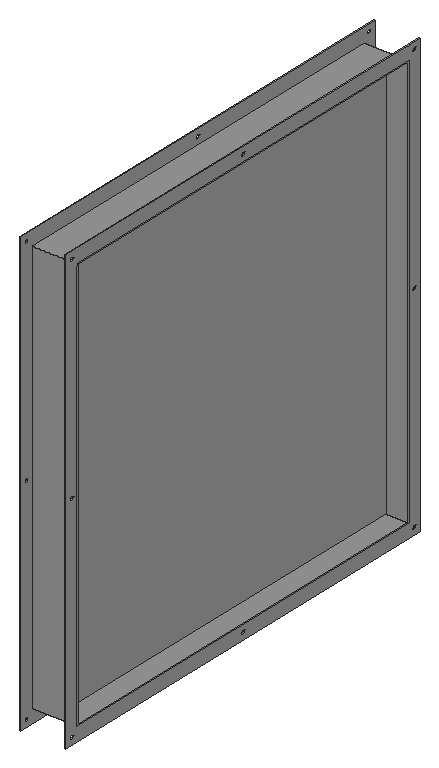
Revit family "КРД", category Duct Accessories, Revit 2021
Family settings
  Round Connector Dimension = Use Diameter
  Part Type = Attaches To
  Work Plane-Based = No
  Always vertical = Yes
  Cut with Voids When Loaded = No
  Shared = No
Parameters (values of type "КРД-2-900х900")
  Ширина = B  # 900 mm
  Статичний тиск повітря [instance] = 0.0 Pa
  С правым фланцем = yes
  Повітряний потік [instance] = 0.0 L/s
  L = 100 mm  # constant formula
  H = 900 mm
  Default Elevation = 0 mm
  Максимальний потік повітря = 0.0 L/s
  Класифікація навантаження = "HVAC"
  Manufacturer = "Вентс"  # constant formula
  Довжина = L  # 100 mm
  Висота = H  # 900 mm
  p1 = H / 2 - H / 10  # 360 mm
  a1 = if(H > 500 mm, 30 mm, 20 mm)  # 30 mm
  a = if(H > 500 mm, 15 mm, 10 mm)  # 15 mm
  URL = "https://vents.ua/ua/series/krd#description"
  Матеріал зони обслуговуваня = none
  Hole = not(and(H < 400 mm, B < 400 mm))  # yes
  Матеріал корпусу = Сталь, гальванізована
  B = 900 mm
  09_Назва системи [instance] = ""
  00_20_Тип = "КРД-2-900х900"
  00_20_Назва = "Клапан регулювання тиску"
  00_20_Виробник = "Вентс"  # constant formula
Types (26, lengths in mm): name | Ширина | С правым фланцем | H | Висота | p1 | a1 | a | Hole | Матеріал корпусу | B | 00_20_Тип
  (no name) | 900 | yes | 900 | 900 | 360 | 30 | 15 | yes | Сталь, гальванізована | 900 | "КРД-2-900х900"
  КРД-1-1000х1000 | 1000 | no | 1000 | 1000 | 400 | 30 | 15 | yes | Cover Grid Cross | 1000 | "КРД-1-1000х1000"
  КРД-1-425х425 | 425 | no | 425 | 425 | 170 | 20 | 10 | yes | Cover Grid Cross | 425 | "КРД-1-425х425"
  КРД-1-300х300 | 300 | no | 300 | 300 | 120 | 20 | 10 | no | Cover Grid Cross | 300 | "КРД-1-300х300"
  КРД-1-550х550 | 550 | no | 550 | 550 | 220 | 30 | 15 | yes | Cover Grid Cross | 550 | "КРД-1-550х550"
  КРД-1-600х175 | 600 | no | 175 | 175 | 70 | 20 | 10 | yes | Cover Grid Cross | 600 | "КРД-1-600х175"
  КРД-1-700х300 | 700 | no | 300 | 300 | 120 | 20 | 10 | yes | Cover Grid Cross | 700 | "КРД-1-700х300"
  КРД-1-800х800 | 800 | no | 800 | 800 | 320 | 30 | 15 | yes | Cover Grid Cross | 800 | "КРД-1-800х800"
  КРД-1-900х900 | 900 | no | 900 | 900 | 360 | 30 | 15 | yes | Cover Grid Cross | 900 | "КРД-1-900х900"
  КРД-1-200х300 | 200 | no | 300 | 300 | 120 | 20 | 10 | no | Cover Grid Cross | 200 | "КРД-1-200х300"
  КРД-1-300х175 | 300 | no | 175 | 175 | 70 | 20 | 10 | no | Cover Grid Cross | 300 | "КРД-1-300х175"
  КРД-1-675х675 | 675 | no | 675 | 675 | 270 | 30 | 15 | yes | Cover Grid Cross | 675 | "КРД-1-675х675"
  КРД-1-800х650 | 800 | no | 650 | 650 | 260 | 30 | 15 | yes | Cover Grid Cross | 800 | "КРД-1-800х650"
  КРД-1-200х200 | 200 | no | 200 | 200 | 80 | 20 | 10 | no | Cover Grid Cross | 200 | "КРД-1-200х200"
  КРД-2-200х200 | 200 | yes | 200 | 200 | 80 | 20 | 10 | no | Cover Grid Cross | 200 | "КРД-2-200х200"
  КРД-2-300х300 | 300 | yes | 300 | 300 | 120 | 20 | 10 | no | Cover Grid Cross | 300 | "КРД-2-300х300"
  КРД-2-400х400 | 400 | yes | 400 | 400 | 160 | 20 | 10 | yes | Cover Grid Cross | 400 | "КРД-2-400х400"
  КРД-1-400х400 | 400 | no | 400 | 400 | 160 | 20 | 10 | yes | Cover Grid Cross | 400 | "КРД-1-400х400"
  КРД-2-500х500 | 500 | yes | 500 | 500 | 200 | 20 | 10 | yes | Cover Grid Cross | 500 | "КРД-2-500х500"
  КРД-1-500х500 | 500 | no | 500 | 500 | 200 | 20 | 10 | yes | Cover Grid Cross | 500 | "КРД-1-500х500"
  КРД-2-600х600 | 600 | yes | 600 | 600 | 240 | 30 | 15 | yes | Cover Grid Cross | 600 | "КРД-2-600х600"
  КРД-1-600х600 | 600 | no | 600 | 600 | 240 | 30 | 15 | yes | Cover Grid Cross | 600 | "КРД-1-600х600"
  КРД-1-700х700 | 700 | no | 700 | 700 | 280 | 30 | 15 | yes | Cover Grid Cross | 700 | "КРД-1-700х700"
  КРД-2-700х700 | 700 | yes | 700 | 700 | 280 | 30 | 15 | yes | Cover Grid Cross | 700 | "КРД-2-700х700"
  КРД-2-800х800 | 800 | yes | 800 | 800 | 320 | 30 | 15 | yes | Cover Grid Cross | 800 | "КРД-2-800х800"
  КРД-2-900х900 | 900 | yes | 900 | 900 | 360 | 30 | 15 | yes | Сталь, гальванізована | 900 | "КРД-2-900х900"
Reference planes
  plane 1 "По центру (Вперед/Назад)": y = 0
  plane 2: z = 0
  plane 3 "По центру (Влево/Вправо)": x = 0
  plane 4: y = 450
  plane 5: y = -450
  plane 6: z = 450
  plane 7: z = -450
  plane 8: y = 465
  plane 9: y = -465
  plane 10: z = 465
  plane 11: z = -465
Forms (mm)
  Extrusion 1, solid, material "Сталь, гальванізована" <- "Матеріал корпусу"
    sketch origin (0, 0, 0) x (0, 1, 0) y (0, 0, 1)
      loop
        line (450, 450) -> (-450, 450) -> (-450, -450) -> (450, -450) -> (450, 450)
      loop
        line (448, 448) -> (-448, 448) -> (-448, -448) -> (448, -448) -> (448, 448)
    from -50 to 50
  Extrusion 2, solid, material "Сталь, гальванізована" <- "Матеріал корпусу"
    sketch origin (0, 0, 0) x (0, 1, 0) y (0, 0, 1)
      loop
        line (450, 450) -> (-450, 450) -> (-450, -450) -> (450, -450) -> (450, 450)
      loop
        line (480, 480) -> (-480, 480) -> (-480, -480) -> (480, -480) -> (480, 480)
      loop
        circle (465, 465) r 5
      loop
        circle (-465, 465) r 5
      loop
        circle (-465, -465) r 5
      loop
        circle (465, -465) r 5
    from -50 to -48
  Extrusion 3, solid, material "Сталь, гальванізована" <- "Матеріал корпусу", visible <- "С правым фланцем"
    sketch origin (0, 0, 0) x (0, 1, 0) y (0, 0, 1)
      loop
        line (450, -450) -> (450, 450) -> (-450, 450) -> (-450, -450) -> (450, -450)
      loop
        line (480, -480) -> (480, 480) -> (-480, 480) -> (-480, -480) -> (480, -480)
      loop
        circle (465, 465) r 5
      loop
        circle (-465, 465) r 5
      loop
        circle (465, -465) r 5
      loop
        circle (-465, -465) r 5
    from 48 to 50
  Extrusion 4, solid, material "Сталь, гальванізована" <- "Матеріал корпусу"
    sketch origin (0, 0, 0) x (0, 1, 0) y (0, 0, 1)
      loop
        line (448, 448) -> (-448, 448) -> (-448, -448) -> (448, -448) -> (448, 448)
    from -2 to 2
  Extrusion 5, void
    sketch origin (0, 0, 0) x (0, 1, 0) y (0, 0, 1)
      loop
        circle (465, 0) r 5
      loop
        circle (0, 465) r 5
      loop
        circle (-465, 0) r 5
      loop
        circle (0, -465) r 5
    from -50 to -48
  Extrusion 6, void
    sketch origin (0, 0, 0) x (0, 1, 0) y (0, 0, 1)
      loop
        circle (465, 0) r 5
      loop
        circle (0, 465) r 5
      loop
        circle (-465, 0) r 5
      loop
        circle (0, -465) r 5
    from 48 to 50
  Extrusion 7, solid, material "Сталь, гальванізована" <- "Матеріал корпусу"
    sketch origin (0, 0, 0) x (0, 1, 0) y (0, 0, 1)
      loop
        line (37.5, -448) -> (37.5, -373) -> (-37.5, -373) -> (-37.5, -448) -> (37.5, -448)
    from -40 to -2
  Extrusion 8, solid, material "Сталь, гальванізована" <- "Матеріал корпусу"
    sketch origin (0, 0, 0) x (0, 1, 0) y (0, 0, 1)
      loop
        line (5, -373) -> (5, 360) -> (-5, 360) -> (-5, -373) -> (5, -373)
    from -12 to -2
Cuts and joins
  Extrusion 5 cuts Extrusion 2
  Extrusion 6 cuts Extrusion 3
Dimensions and locks
  equal spacing: plane 4, plane 1 "По центру (Вперед/Назад)", plane 5
  "B": plane 4 to plane 5
  equal spacing: plane 6, level, plane 7
  "H": plane 6 to plane 7
  locked: Extrusion 1 sketch curve to Extrusion 1 sketch curve at 2  (x2)
  locked: plane 6 to Extrusion 1 sketch curve at 2
  locked: Extrusion 1 sketch curve to plane 7 at 2
  "a1": Extrusion 2 sketch curve to Extrusion 2 sketch curve  (x4)
  locked: Extrusion 2 to Extrusion 2 at 2
  "a1": Extrusion 3 sketch curve to Extrusion 3 sketch curve  (x4)
  locked: Extrusion 3 to Extrusion 3 at 2
  "a": plane 8 to plane 4
  "a": plane 5 to plane 9
  "a": plane 10 to plane 6
  "a": plane 7 to plane 11
  "L": Extrusion 2 to Extrusion 3
  locked: Extrusion 4 sketch curve to plane 7 at 2
  locked: plane 6 to Extrusion 4 sketch curve at 2
  locked: plane 4 to Extrusion 4 sketch curve at 2
  locked: Extrusion 4 sketch curve to plane 5 at 2
  equal spacing: Extrusion 2, plane 3 "По центру (Влево/Вправо)", Extrusion 3
  locked: Extrusion 7 sketch curve to Extrusion 7 sketch curve at 75
  locked: Extrusion 7 sketch curve to Extrusion 1 at 75
  locked: Extrusion 7 to Extrusion 4 at 38
  equal spacing: Extrusion 7 sketch curve, plane 1 "По центру (Вперед/Назад)", Extrusion 7 sketch curve
  "p1": Extrusion 8 sketch curve to level
  locked: Extrusion 8 sketch curve to Extrusion 8 sketch curve at 10
  equal spacing: Extrusion 8 sketch curve, plane 1 "По центру (Вперед/Назад)", Extrusion 8 sketch curve
  locked: Extrusion 8 to Extrusion 4 at 10
  aligned and locked: level to plane 2
  aligned and locked: plane 6 to Extrusion 1 sketch curve
  aligned and locked: plane 4 to Extrusion 1 sketch curve
  aligned and locked: Extrusion 1 sketch curve to plane 7
  aligned and locked: Extrusion 1 sketch curve to plane 5
  aligned and locked: plane 6 to Extrusion 2 sketch curve
  aligned and locked: plane 4 to Extrusion 2 sketch curve
  aligned and locked: Extrusion 2 sketch curve to plane 7
  aligned and locked: Extrusion 2 sketch curve to plane 5
  aligned and locked: Extrusion 2 to Extrusion 1
  aligned and locked: plane 7 to Extrusion 3 sketch curve
  aligned and locked: Extrusion 3 sketch curve to plane 4
  aligned and locked: Extrusion 3 sketch curve to plane 6
  aligned and locked: plane 5 to Extrusion 3 sketch curve
  aligned and locked: Extrusion 3 to Extrusion 1
  aligned and locked: Extrusion 5 to Extrusion 1
  aligned and locked: Extrusion 2 to Extrusion 5
  aligned and locked: Extrusion 6 to Extrusion 1
  aligned and locked: Extrusion 3 to Extrusion 6
  aligned and locked: Extrusion 1 to Extrusion 7 sketch curve
  aligned and locked: Extrusion 7 to Extrusion 4
  aligned and locked: Extrusion 7 to Extrusion 8 sketch curve
  aligned and locked: Extrusion 8 to Extrusion 4
Automatic sketch dimensions
  Extrusion 5 sketch curve to level = 0 mm  (x2)
  Extrusion 5 sketch curve to plane 9 = 0 mm
  Extrusion 5 sketch curve to plane 1 "По центру (Вперед/Назад)" = 0 mm  (x2)
  Extrusion 5 sketch curve to plane 8 = 0 mm
  Extrusion 5 sketch curve to plane 11 = 0 mm
  Extrusion 5 sketch curve to plane 10 = 0 mm
  Extrusion 6 sketch curve to level = 0 mm  (x2)
  Extrusion 6 sketch curve to plane 9 = 0 mm
  Extrusion 6 sketch curve to plane 1 "По центру (Вперед/Назад)" = 0 mm  (x2)
  Extrusion 6 sketch curve to plane 8 = 0 mm
  Extrusion 6 sketch curve to plane 11 = 0 mm
  Extrusion 6 sketch curve to plane 10 = 0 mm
  Extrusion 2 sketch curve to plane 9 = 0 mm  (x2)
  Extrusion 2 sketch curve to plane 8 = 0 mm  (x2)
  Extrusion 2 sketch curve to plane 11 = 0 mm
  plane 11 to Extrusion 2 sketch curve = 0 mm
  plane 10 to Extrusion 2 sketch curve = 0 mm
  Extrusion 2 sketch curve to plane 10 = 0 mm
  Extrusion 3 sketch curve to plane 9 = 0 mm  (x2)
  Extrusion 3 sketch curve to plane 8 = 0 mm  (x2)
  plane 11 to Extrusion 3 sketch curve = 0 mm
  Extrusion 3 sketch curve to plane 11 = 0 mm
  plane 10 to Extrusion 3 sketch curve = 0 mm
  Extrusion 3 sketch curve to plane 10 = 0 mm
  radius of Extrusion 5 sketch curve = 5 mm  (x4)
  radius of Extrusion 6 sketch curve = 5 mm  (x4)
  radius of Extrusion 2 sketch curve = 5 mm  (x4)
  radius of Extrusion 3 sketch curve = 5 mm  (x4)
Connectors
  hvac at (-50, 0, 0), driven by "H", driven by "B"
    settings: on Extrusion 1, index 1, duct flow 0.0 L/s, flow factor 0, pres drop 0.0 Pa, loss coef 0, conn angle 0.00°, conn width 900 mm, conn height 900 mm, conn diameter 609.6 mm, duct sys type 3, conn prof type 1, flow config 0, flow direction 1, loss method 0, conn ref index -1, conn util no, is conn primary yes, conn desc ""
  hvac at (50, 0, 0), driven by "H", driven by "B"
    settings: on Extrusion 1, index 2, duct flow 0.0 L/s, flow factor 0, pres drop 0.0 Pa, loss coef 0, conn angle 0.00°, conn width 900 mm, conn height 900 mm, conn diameter 609.6 mm, duct sys type 3, conn prof type 1, flow config 0, flow direction 2, loss method 0, conn ref index -1, conn util no, is conn primary no, conn desc ""
